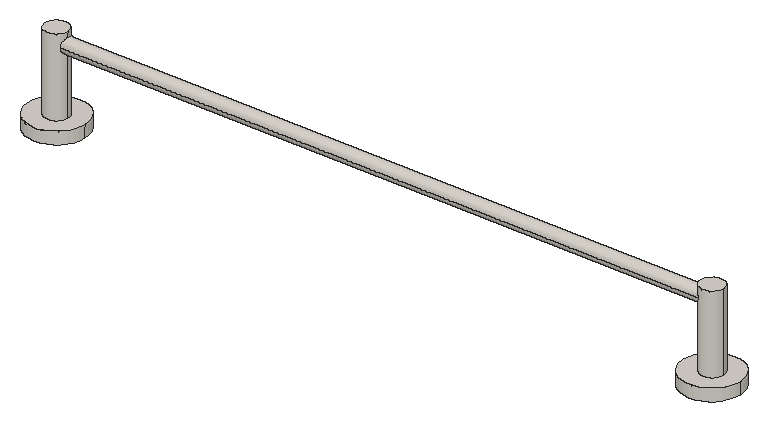
Revit family "ALMA-Farina_600_Single_Towel_Rail", category Specialty Equipment, host Face, Revit 2026
Family settings
  Host = Face
  Round Connector Dimension = Use Diameter
  Part Type = Normal
  Enable Cutting in Views = Yes
  Cut with Voids When Loaded = No
  Maintain Annotation Orientation = No
  Shared = No
  Room Calculation Point = No
Parameters (values of type "BRUSHED NICKEL")
  Material = BM_NICKEL
  Default Elevation = 1219.2 mm
Types (6, lengths in mm): name | Material
  (no name) | BM_NICKEL
  MATTE BLACK | BM_MATTE BLACK
  BRUSHED NICKEL | BM_NICKEL
  BRUSHED GUNMETAL | BM_GUNMETAL
  BRUSHED BRASS GOLD | BM_BRASS GOLD
  BRUSHED ANTIQUE BRASS | BM_ANTIQUE BRASS
Reference planes
  plane 1 "Center (Front/Back)": y = 0
  plane 2: z = 0
  plane 3 "Center (Left/Right)": x = 0
Forms (mm)
  Revolve 1, solid, material "BM_NICKEL" <- "Material"
    sketch origin (-276, 0, 65) x (1, 0, 0) y (0, 1, 0)
      loop
        line (5.543, 0) -> (5.543, -6) -> (549.559, -6) -> (549.559, 0) -> (5.543, 0)
      axis (5.543, 0) -> (549.559, 0)
    angle from 0 to 360
  Extrusion 2, solid, material "BM_NICKEL" <- "Material"
    sketch origin (276.25, 0, 10) x (1, 0, 0) y (0, 1, 0)
      loop
        circle (0, 0) r 9.5
    from 0 to 65
  Extrusion 3, solid, material "BM_NICKEL" <- "Material"
    sketch origin (-276.25, 0, 10) x (1, 0, 0) y (0, 1, 0)
      loop
        circle (0, 0) r 9.5
    from 0 to 65
  Extrusion 4, solid, material "BM_NICKEL" <- "Material"
    sketch origin (-276, 0, 0) x (1, 0, 0) y (0, 1, 0)
      loop
        circle (0, 0) r 24
    from 0 to 10
  Extrusion 5, solid, material "BM_NICKEL" <- "Material"
    sketch origin (276, 0, 0) x (1, 0, 0) y (0, 1, 0)
      loop
        circle (0, 0) r 24
    from 0 to 10
Cuts and joins
  joined: Revolve 1, Extrusion 2, Extrusion 3
Text (mm)
  text "Refer to www.buildmat.com.au for the most current product literature. \nAllow a +/- 5mm tolerance for dimensions shown in the product literature. \nPlease note product details are subject to change due to ongoing product development." at (24.831, -1318.125, 0), in view "Ref. Level"
Dimensions and locks
  aligned and locked: plane 2 to host face
  aligned and locked: level to host face
